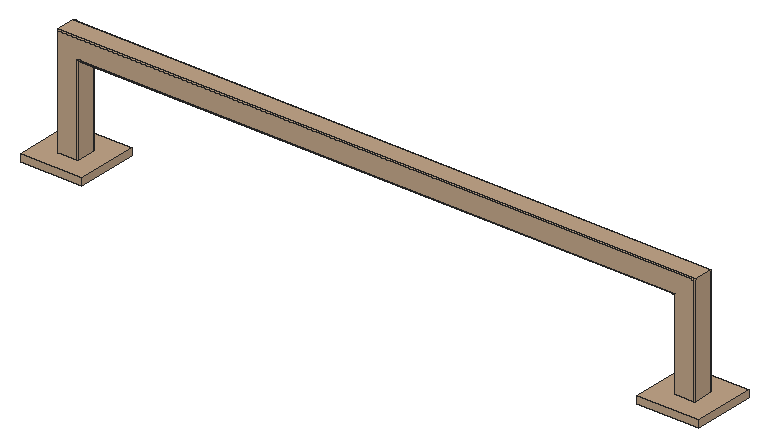
Revit family "Accessory-Towel_Bar-KALLISTA-Italy-P32742", category Specialty Equipment, host Face, Revit 2021
Family settings
  Host = Face
  Round Connector Dimension = Use Diameter
  Part Type = Normal
  OmniClass Number = 23.31.25.25
  OmniClass Title = Towel Bars
  Cut with Voids When Loaded = No
  Shared = No
  Room Calculation Point = No
Parameters (values of type "BLH-Blush Brass")
  Width = 3 89/256"  # constant formula
  WaterSense Certified = 1 = 0  # no
  URL = "https://www.kallista.com/"
  Type = 6
  Product Page URL = ""
  Product Name = "Italy"  # constant formula
  Product Documentation Link = ""
  Model = if(Type = 1, "P32742-2MB\r\n-2MB", if(Type = 2, "P32742-BGP", if(Type = 3, "P32742-BN", if(Type = 4, "P32742-CP", if(Type = 5, "P32742-PGP", if(Type = 6, "P32742-BLH", "NA"))))))  # "P32742-BLH"
  Material = "Premium Metal Construction"  # constant formula
  Master Format 2014 Name = "Toilet, Bath, and Laundry Accessories"  # constant formula
  Master Format 2014 = "10 28 00"  # constant formula
  Manufacturer Address = "444 Highland Dr, Kohler, WI 53044"  # constant formula
  Manufacturer = "kallista Co."  # constant formula
  Length = 19 125/256"  # constant formula
  Height 1 = 1 99/128"  # constant formula
  Finish = Kallista-Metal-BLH-Blush_Brass
  Environmental Product Declaration = ""
  Description = "18 Inch Towel Bar"  # constant formula
  Default Elevation = 42"
  Declare Label = ""
  Date Modified = "10/13/2024"  # constant formula
  Date Created = "10/13/2024"  # constant formula
  Copyright = "Copyright kallista Co."  # constant formula
  Contact Us = "https://www.kallista.com/corporate/contact-us/"
  Assembly Code = "C1030200"
  ADA Compliant = 1 = 0  # no
Types (7): name | Type | Model | Finish
  (no name) | 6 | "P32742-BLH" | Kallista-Metal-BLH-Blush_Brass
  2MB- Brushed Brass | 1 | "P32742-2MB\r\n-2MB" | Kallista-Metal-2MB- Brushed_Brass
  BGP-Brushed Graphite | 2 | "P32742-BGP" | Kallista-Metal-BGP-Brushed_Graphite
  BN-Brushed Nickel | 3 | "P32742-BN" | Kallista-Metal-BN-Brushed_Nickel
  CP-Chrome | 4 | "P32742-CP" | Kallista-Metal-CP-Chrome
  PGP-Polished Graphite | 5 | "P32742-PGP" | Kallista-Metal-PGP-Polished_Graphite
  BLH-Blush Brass | 6 | "P32742-BLH" | Kallista-Metal-BLH-Blush_Brass
Reference planes (in)
  plane 1 "Center (Front/Back)": y = 0
  plane 2: z = 0
  plane 3 "Center (Left/Right)": x = 0
  plane 4: x = -9.84241
  plane 5: x = 9.64578
  plane 6: z = 3.34646
  plane 7: z = 2.75591
  plane 8: z = 0.19685
  plane 9: x = -8.95658
  plane 10: x = 8.75995
  plane 11: x = -8.07075
  plane 12: x = -9.84241
  plane 13: x = 9.64587
  plane 14: z = 3.34766
  plane 15: z = 2.75591
  plane 16: x = -8.07075
  plane 17: x = -8.95658
  plane 18: x = 8.75995
  plane 19: z = 3.34646
  plane 20: z = 2.75591
  plane 21: x = 7.87413
  plane 22: z = 0.19685
  plane 23: x = -9.25186
  plane 24: x = -8.66131
  plane 25: x = 9.05523
  plane 26: x = 8.46468
  plane 27: y = -0.8868
  plane 28: y = 0.88663
  plane 29: y = 0.2943
  plane 30: y = -0.29625
Dimensions and locks (in)
  plane 12 to plane 13 = 19 125/256"
  "Width": plane 14 to level
  plane 12 to plane 16 = 1.77165"  (x2)
  plane 18 to plane 17 = 17.71654"
  "Length": plane 12 to plane 13
  plane 25 to plane 23 = 18.30709"
  plane 24 to plane 26 = 17.12598"
  plane 21 to plane 16 = 15.94488"
  plane 21 to plane 13 = 1.77175"  (x2)
  plane 22 to level = 0.19685"
  plane 20 to level = 2.75591"
  plane 19 to level = 3.34646"
  plane 26 to plane 25 = 0.59055"
  plane 24 to plane 23 = 0.59055"
  "Height 1": plane 28 to plane 27
  plane 29 to plane 30 = 0.59055"
  plane 28 to plane 27 = 1 99/128"
  plane 19 to plane 20 = 0.59055"
  level to plane 19 = 3.34646"
  aligned and locked: plane 2 to host face
  aligned and locked: level to host face
Automatic sketch dimensions
  host sketch curve to host sketch curve = 96"  (x2)
Nested families (in)
  nested 1: "P32742" at (0, -0.00098, -0.00356), type "P32742"
Definition of nested family "P32742"
  Parameters
    Material = none
    Default Elevation = 0"
  Reference planes (in)
    plane 1 "Center (Front/Back)": y = 0
    plane 2: z = 0.00356
    plane 3 "Center (Left/Right)": x = 0
    plane 4: x = 9.64578
    plane 5: x = -9.84241
    plane 6: z = 0.00356
    plane 7: z = 0.20041
    plane 8: x = 9.47714
    plane 9: z = 0.20041
    plane 10: z = 1.18466
    plane 11: x = -8.07075
    plane 12: z = 3.35002
    plane 13: z = 2.75946
    plane 14: x = -8.95658
    plane 15: x = 8.75995
  Forms (in)
    Sweep 1, solid, material <- "Material", detail levels medium+fine
      path origin (0, 0, 0) x (1, 0, 0) y (0, 0, 1)
        loop
          line (-9.25186, 0.20041) -> (-9.25186, 3.35002) -> (9.05523, 3.35002) -> (9.05523, 0.20041)
      profile origin (-9.25186, 0, 1.77521) x (-1, 0, 0) y (0, -1, 0)
        loop
          line (0, -0.27559) -> (0, 0.27559)
          arc (0, 0.27559) -> (-0.00577, 0.28951) -> (-0.01969, 0.29528) r 0.01969
          line (-0.01969, 0.29528) -> (-0.57122, 0.29528)
          arc (-0.57122, 0.29528) -> (-0.58514, 0.28951) -> (-0.59091, 0.27559) r 0.01969
          line (-0.59091, 0.27559) -> (-0.59091, -0.27559)
          arc (-0.59091, -0.27559) -> (-0.58514, -0.28951) -> (-0.57122, -0.29528) r 0.01969
          line (-0.57122, -0.29528) -> (-0.01969, -0.29528)
          arc (-0.01969, -0.29528) -> (-0.00577, -0.28951) -> (0, -0.27559) r 0.01969
    Sweep 2, solid, material <- "Material", detail levels coarse
      path origin (0, 0, 0.00356) x (1, 0, 0) y (0, 0, 1)
        loop
          line (-9.25186, 0.20041) -> (-9.25186, 3.35002) -> (9.05523, 3.35002) -> (9.05523, 0.20041)
      profile origin (-9.25186, 0, 1.77877) x (-1, 0, 0) y (0, -1, 0)
        loop
          line (0, -0.27559) -> (0, 0.27559)
          arc (0, 0.27559) -> (-0.00577, 0.28951) -> (-0.01969, 0.29528) r 0.01969
          line (-0.01969, 0.29528) -> (-0.57122, 0.29528)
          arc (-0.57122, 0.29528) -> (-0.58514, 0.28951) -> (-0.59091, 0.27559) r 0.01969
          line (-0.59091, 0.27559) -> (-0.59091, -0.27559)
          arc (-0.59091, -0.27559) -> (-0.58514, -0.28951) -> (-0.57122, -0.29528) r 0.01969
          line (-0.57122, -0.29528) -> (-0.01969, -0.29528)
          arc (-0.01969, -0.29528) -> (-0.00577, -0.28951) -> (0, -0.27559) r 0.01969
    Extrusion 3, solid, material <- "Material", detail levels medium+fine
      sketch origin (0, 0, 0) x (1, 0, 0) y (0, 0, 1)
        loop
          line (9.64578, 0.00356) -> (9.64578, 0.20041) -> (7.87413, 0.20041) -> (7.87413, 0.00356) -> (9.64578, 0.00356)
      from -0.88583 to 0.88583
    Extrusion 4, solid, material <- "Material", detail levels medium+fine
      sketch origin (-0.19663, 0, 0) x (-1, 0, 0) y (0, 0, -1)
        loop
          line (9.64578, -0.00356) -> (7.87413, -0.00356) -> (7.87413, -0.20041) -> (9.64578, -0.20041) -> (9.64578, -0.00356)
      from -0.88583 to 0.88583
    Extrusion 5, solid, material <- "Material", detail levels coarse
      sketch origin (0, 0, 0.00356) x (1, 0, 0) y (0, 0, 1)
        loop
          line (9.64578, 0.00356) -> (9.64578, 0.20041) -> (7.87413, 0.20041) -> (7.87413, 0.00356) -> (9.64578, 0.00356)
      from -0.88583 to 0.88583
    Extrusion 6, solid, material <- "Material", detail levels coarse
      sketch origin (-0.19663, 0, 0.00356) x (-1, 0, 0) y (0, 0, -1)
        loop
          line (9.64578, -0.00356) -> (7.87413, -0.00356) -> (7.87413, -0.19685) -> (9.64578, -0.19685) -> (9.64578, -0.00356)
      from -0.88583 to 0.88583
  Lines and regions (in)
    Masking region 1
      outline origin (0, 0, 0) x (1, 0, 0) y (0, 0, 1)
        loop
          line (-8.07075, 0.00356) -> (-8.07075, 0.20041) -> (-8.66131, 0.20041) -> (-8.66131, 2.73978)
          arc (-8.66131, 2.73978) -> (-8.65554, 2.7537) -> (-8.64163, 2.75946) r 0.01968
          line (-8.64163, 2.75946) -> (8.44499, 2.75946)
          arc (8.44499, 2.75946) -> (8.45891, 2.7537) -> (8.46468, 2.73978) r 0.01969
          line (8.46468, 2.73978) -> (8.46468, 0.20041) -> (7.87413, 0.20041) -> (7.87413, 0.00356) -> (9.64578, 0.00356) -> (9.64578, 0.20041) -> (9.05523, 0.20041) -> (9.05523, 3.33033)
          arc (9.05523, 3.33033) -> (9.04946, 3.34425) -> (9.03554, 3.35002) r 0.01969
          line (9.03554, 3.35002) -> (-9.23217, 3.35002)
          arc (-9.23217, 3.35002) -> (-9.24609, 3.34425) -> (-9.25186, 3.33033) r 0.01969
          line (-9.25186, 3.33033) -> (-9.25186, 0.20041) -> (-9.84241, 0.20041) -> (-9.84241, 0.00356) -> (-8.07075, 0.00356)
    Masking region 2
      outline origin (0, 0, 0) x (0, 1, 0) y (0, 0, 1)
        loop
          line (0.88583, 0.00356) -> (0.88583, 0.20041) -> (0.29533, 0.20041) -> (0.29533, 3.33033)
          arc (0.29533, 3.33033) -> (0.28957, 3.34425) -> (0.27565, 3.35002) r 0.01969
          line (0.27565, 3.35002) -> (-0.27565, 3.35002)
          arc (-0.27565, 3.35002) -> (-0.28957, 3.34425) -> (-0.29533, 3.33033) r 0.01969
          line (-0.29533, 3.33033) -> (-0.29533, 0.20041) -> (-0.88583, 0.20041) -> (-0.88583, 0.00356) -> (0.88583, 0.00356)
    Masking region 3
      outline origin (0, 0, 0.00356) x (1, 0, 0) y (0, 1, 0)
        loop
          line (-8.07075, 0.88583) -> (-9.84241, 0.88583) -> (-9.84241, -0.88583) -> (-8.07075, -0.88583) -> (-8.07075, -0.29528) -> (7.87413, -0.29528) -> (7.87413, -0.88583) -> (9.64578, -0.88583) -> (9.64578, 0.88583) -> (7.87413, 0.88583) -> (7.87413, 0.29528) -> (-8.07075, 0.29528) -> (-8.07075, 0.88583)
    symbolic lines, detail levels medium+fine
      curve 1: line (-9.25186, 0, 0.20041) -> (-8.66131, 0, 0.20041)
      curve 2: line (8.46468, 0, 0.20041) -> (9.05523, 0, 0.20041)
      curve 3: line (0, 0.29533, 0.20041) -> (0, -0.29528, 0.20041)
      curve 4: line (0, 0.29533, 2.75946) -> (0, -0.29533, 2.75946)
      curve 5: line (-8.07075, 0.29528, 0.00356) -> (-9.23217, 0.29528, 0.00356)
      curve 6: line (-9.25186, 0.27559, 0.00356) -> (-9.25186, -0.27559, 0.00356)
      curve 7: line (-8.07075, -0.29528, 0.00356) -> (-9.23217, -0.29528, 0.00356)
      curve 8: arc (-9.23217, 0.29528, 0.00356) -> (-9.24609, 0.28951, 0.00356) -> (-9.25186, 0.27559, 0.00356) r 0.01969
      curve 9: arc (-9.23217, -0.29528, 0.00356) -> (-9.24609, -0.28951, 0.00356) -> (-9.25186, -0.27559, 0.00356) r 0.01969
      curve 10: line (7.87413, 0.29528, 0.00356) -> (9.23217, 0.29528, 0.00356)
      curve 11: line (9.25186, 0.27559, 0.00356) -> (9.25186, -0.27559, 0.00356)
      curve 12: line (7.87413, -0.29528, 0.00356) -> (9.23217, -0.29528, 0.00356)
      curve 13: arc (9.23217, 0.29528, 0.00356) -> (9.24609, 0.28951, 0.00356) -> (9.25186, 0.27559, 0.00356) r 0.01969
      curve 14: arc (9.23217, -0.29528, 0.00356) -> (9.24609, -0.28951, 0.00356) -> (9.25186, -0.27559, 0.00356) r 0.01969
  Dimensions and locks (in)
    plane 12 to level = 3.34646"  (x2)
    plane 9 to level = 0.19685"
    plane 4 to plane 5 = 19.48819"
    plane 13 to level = 2.75591"
    plane 11 to plane 5 = 1.77165"
    plane 14 to plane 15 = 17.71654"
    aligned and locked: plane 2 to level
